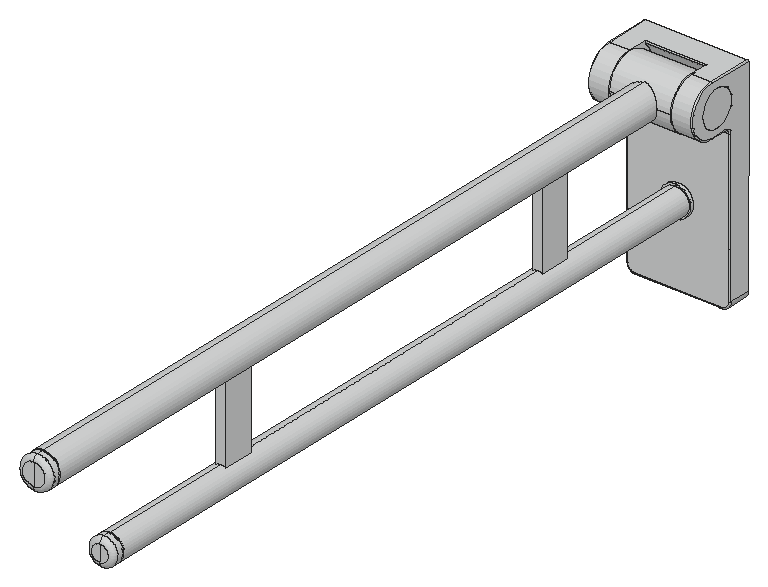
Revit family "SupportArms_Toilet_Nero_MeccaCare_Foldable", category Specialty Equipment, Revit 2022
Family settings
  Round Connector Dimension = Use Diameter
  Part Type = Normal
  OmniClass Number = 23.25.45.11.25.11
  OmniClass Title = Physically Challenged Toilet Arm Supports
  Work Plane-Based = No
  Always vertical = Yes
  Cut with Voids When Loaded = Yes
  Maintain Annotation Orientation = No
  Shared = No
  Room Calculation Point = No
Parameters (values of type "Chrome (NRCR0007CH)")
  Uniclass2015Version = "Products v1.35"
  Uniclass2015Title = "Grab rails"
  Uniclass2015Code = "Pr_25_30_36_34"
  URL = "https://nerotapware.com.au/"
  Type Comments = "Support Arms - Toilet - Foldable - Chrome"
  ModifiedIssue = 20251009
  Model = "NRCR0007CH"
  ManufacturerURLProductSpecific = ""
  ManufacturerSpecCode = Model  # "NRCR0007CH"
  ManufacturerOverallWidth = 101 mm  # constant formula
  ManufacturerOverallHeight = 210 mm  # constant formula
  ManufacturerOverallDepth = 808 mm  # constant formula
  Manufacturer = "Nero"
  IfcExportType = "HANDRAIL"
  IfcExportAs = "IfcRailing"
  Description = "Mecca Care Foldable Toilet Support Arm Chrome"
  Default Elevation = 1050 mm
  CreatedByURL = "https://igsgroup.com.au"
  CreatedBy = "IGS BIM Solutions"  # constant formula
  Material = Metal_Chrome_Nero
  Assembly Code = "D2010"
Types (6, lengths in mm): name | Type Comments | Model | ManufacturerSpecCode | Description | Material
  Brushed Nickel (NRCR0007BN) | "Support Arms - Toilet - Foldable - Brushed Nickel" | "NRCR0007BN" | "NRCR0007BN" | "Mecca Care Foldable Toilet Support Arm Brushed Nickel" | Metal_Nickel_Nero_Brushed
  Chrome (NRCR0007CH) | "Support Arms - Toilet - Foldable - Chrome" | "NRCR0007CH" | "NRCR0007CH" | "Mecca Care Foldable Toilet Support Arm Chrome" | Metal_Chrome_Nero
  Matte Black (NRCR0007MB) | "Support Arms - Toilet - Foldable - Matte Black" | "NRCR0007MB" | "NRCR0007MB" | "Mecca Care Foldable Toilet Support Arm Matte Black" | Metal_MatteBlack_Nero
  Brushed Gold (NRCR0007BG) | "Support Arms - Toilet - Foldable - Brushed Gold" | "NRCR0007BG" | "NRCR0007BG" | "Mecca Care Foldable Toilet Support Arm Brushed Gold" | Metal_Gold_Nero_Brushed
  Gun Metal (NRCR0007GM) | "Support Arms - Toilet - Foldable - Gun Metal" | "NRCR0007GM" | "NRCR0007GM" | "Mecca Care Foldable Toilet Support Arm Gun Metal" | Metal_GunMetal_Nero
  Brushed Bronze (NRCR0007BZ) | "Support Arms - Toilet - Foldable - Brushed Bronze" | "NRCR0007BZ" | "NRCR0007BZ" | "Mecca Care Foldable Toilet Support Arm Brushed Bronze" | Metal_Bronze_Nero_Brushed
Reference planes
  plane 1 "Center (Elevation)": z = 0
  plane 2 "Back": y = 202.5
  plane 3 "Left": x = -67
  plane 4 "Right": x = 34
  plane 5 "Front": y = -605.5
  plane 6 "Center (Left/Right)": x = -16.5
  plane 7 "Top": z = 105
  plane 8 "Bottom": z = -105
Forms (mm)
  Extrusion 1, solid, material "Metal_Chrome_Nero" <- "Material"
    sketch origin (-42, 0, -105) x (0, 1, 0) y (0, 0, 1)
      loop
        line (202.5, 210) -> (177.627, 210)
        arc (177.627, 210) -> (176.702, 209.381) -> (176.922, 208.291) r 1
        arc (176.922, 208.291) -> (185.71, 184.208) -> (172.804, 162.058) r 30.174
        arc (172.804, 162.058) -> (172.418, 160.938) -> (173.373, 160.235) r 1
        line (173.373, 160.235) -> (175.5, 160.235)
        arc (175.5, 160.235) -> (179.036, 158.771) -> (180.5, 155.235) r 5
        line (180.5, 155.235) -> (180.5, 0) -> (202.5, 0) -> (202.5, 210)
    from -4.497 to 55.503
  Extrusion 2, solid, material "Metal_Chrome_Nero" <- "Material"
    sketch origin (-42, 0, -105) x (0, 1, 0) y (0, 0, 1)
      loop
        line (202.5, 210) -> (158.351, 210)
        arc (158.351, 210) -> (133.468, 185.118) -> (158.351, 160.235) r 24.882
        line (158.351, 160.235) -> (175.5, 160.235)
        arc (175.5, 160.235) -> (179.036, 158.771) -> (180.5, 155.235) r 5
        line (180.5, 155.235) -> (180.5, 0) -> (202.5, 0) -> (202.5, 210)
    from -25 to -4.497
  Extrusion 3, solid, material "Metal_Chrome_Nero" <- "Material"
    sketch origin (9, 0, -105) x (0, 1, 0) y (0, 0, -1)
      loop
        line (202.5, -210) -> (202.5, 0) -> (180.5, 0) -> (180.5, -155.235)
        arc (180.5, -155.235) -> (179.036, -158.771) -> (175.5, -160.235) r 5
        line (175.5, -160.235) -> (158.351, -160.235)
        arc (158.351, -160.235) -> (133.468, -185.118) -> (158.351, -210) r 24.882
        line (158.351, -210) -> (202.5, -210)
    from -25 to -4.497
  Sweep 4, void
    path origin (-67, 0, -105) x (0, 1, 0) y (0, 0, 1)
      loop
        line (202.5, 210) -> (158.351, 210)
        arc (158.351, 210) -> (133.468, 185.118) -> (158.351, 160.235) r 24.882
        line (158.351, 160.235) -> (175.5, 160.235)
        arc (175.5, 160.235) -> (179.036, 158.771) -> (180.5, 155.235) r 5
        line (180.5, 155.235) -> (180.5, 55)
    profile origin (-67, 180.425, 105) x (0, 0, -1) y (1, 0, 0)
      loop
        line (0, 0) -> (1, 0)
        arc (1, 0) -> (0.293, 0.293) -> (0, 1) r 1
        line (0, 1) -> (0, 0)
  Sweep 5, void
    path origin (34, 0, -105) x (0, 1, 0) y (0, 0, -1)
      loop
        line (202.5, -210) -> (158.351, -210)
        arc (158.351, -210) -> (133.468, -185.118) -> (158.351, -160.235) r 24.882
        line (158.351, -160.235) -> (175.5, -160.235)
        arc (175.5, -160.235) -> (179.036, -158.771) -> (180.5, -155.235) r 5
        line (180.5, -155.235) -> (180.5, -55)
    profile origin (34, 180.425, 105) x (0, 0, 1) y (-1, 0, 0)
      loop
        line (0, 0) -> (0, 1)
        arc (0, 1) -> (-0.293, 0.293) -> (-1, 0) r 1
        line (-1, 0) -> (0, 0)
  Extrusion 6, void
    sketch origin (0, 202.5, -105) x (1, 0, 0) y (0, 0, -1)
      loop
        line (-67, 0) -> (-67, -8)
        arc (-67, -8) -> (-64.657, -2.343) -> (-59, 0) r 8
        line (-59, 0) -> (-67, 0)
      loop
        line (34, 0) -> (26, 0)
        arc (26, 0) -> (31.657, -2.343) -> (34, -8) r 8
        line (34, -8) -> (34, 0)
    from 12.106 to -27.019
  Sweep 7, void
    path origin (-42, 180.5, -105) x (0, 0, 1) y (-1, 0, 0)
      loop
        line (55, 25) -> (8, 25)
        arc (8, 25) -> (2.343, 22.657) -> (0, 17) r 8
        line (0, 17) -> (0, -68)
        arc (0, -68) -> (2.343, -73.657) -> (8, -76) r 8
        line (8, -76) -> (55, -76)
    profile origin (-67, 180.5, -73.5) x (0, -1, 0) y (1, 0, 0)
      loop
        line (0, 0) -> (0, 1)
        arc (0, 1) -> (-0.293, 0.293) -> (-1, 0) r 1
        line (-1, 0) -> (0, 0)
  Extrusion 8, void
    sketch origin (-67, 0, -105) x (0, 1, 0) y (0, 0, 1)
      loop
        circle (164.359, 184.925) r 18
      loop
        circle (164.359, 184.925) r 17.5
    from -19.27 to 250
  Extrusion 9, solid, material "Metal_Chrome_Nero" <- "Material"
    sketch origin (-67, 0, -105) x (0, 1, 0) y (0, 0, 1)
      loop
        circle (158.351, 185.118) r 24.882
    from 20.503 to 80.497
  Revolve 10, solid, material "Metal_Chrome_Nero" <- "Material"
    sketch origin (-16.5, 80, 130) x (0, 1, 0) y (0, 0, 1)
      loop
        line (-685.5, -50) -> (76.501, -50) -> (76.501, -34) -> (-673.499, -34) -> (-673.499, -35)
        arc (-673.499, -35) -> (-673.792, -34.293) -> (-674.499, -34) r 1
        line (-674.499, -34) -> (-680.5, -34)
        arc (-680.5, -34) -> (-684.036, -35.464) -> (-685.5, -39) r 5
        line (-685.5, -39) -> (-685.5, -50)
      axis (-685.5, -50) -> (76.501, -50)
    angle from 0 to 360
  Revolve 11, solid, material "Metal_Chrome_Nero" <- "Material"
    sketch origin (-16.5, 160.79, 25.531) x (0, 1, 0) y (0, 0, 1)
      loop
        line (-685.5, -50) -> (21.484, -50) -> (21.484, -43) -> (18.91, -43) -> (18.91, -35) -> (15.91, -35) -> (15.91, -36.75) -> (-673.499, -36.75) -> (-673.499, -37.75)
        arc (-673.499, -37.75) -> (-673.792, -37.043) -> (-674.499, -36.75) r 1
        line (-674.499, -36.75) -> (-680.5, -36.75)
        arc (-680.5, -36.75) -> (-684.036, -38.214) -> (-685.5, -41.75) r 5
        line (-685.5, -41.75) -> (-685.5, -50)
      axis (-685.5, -50) -> (21.484, -50)
    angle from 0 to 360
  Extrusion 12, solid, material "Metal_Chrome_Nero" <- "Material"
    sketch origin (-16.5, 80, 130) x (0, 1, 0) y (0, 0, 1)
      loop
        line (-41.499, -149.894) -> (-41.499, -52.199) -> (-71.499, -52.199) -> (-71.499, -149.894) -> (-41.499, -149.894)
      loop
        line (-427.499, -149.894) -> (-427.499, -52.199) -> (-457.499, -52.199) -> (-457.499, -149.894) -> (-427.499, -149.894)
    from -5 to 5
Cuts and joins
  Sweep 7 cuts Extrusion 1
  Sweep 4, Extrusion 6, Sweep 7, Extrusion 8 cuts Extrusion 2
  Sweep 5, Extrusion 6, Sweep 7, Extrusion 8 cuts Extrusion 3
  joined: Extrusion 1, Extrusion 2, Extrusion 3
  joined: Extrusion 9, Revolve 10, Revolve 11, Extrusion 12
Lines and regions (mm)
  Masking region 1
    outline origin (0, 0, 105) x (0, -1, 0) y (1, 0, 0)
      loop
        line (-202.5, -67) -> (-134.468, -67)
        arc (-134.468, -67) -> (-133.761, -66.707) -> (-133.468, -66) r 1
        line (-133.468, -66) -> (-133.468, -32.5) -> (593.499, -32.5) -> (593.499, -31.5)
        arc (593.499, -31.5) -> (593.792, -32.207) -> (594.499, -32.5) r 1
        line (594.499, -32.5) -> (600.5, -32.5)
        arc (600.5, -32.5) -> (604.036, -31.036) -> (605.5, -27.5) r 5
        line (605.5, -27.5) -> (605.5, -5.5)
        arc (605.5, -5.5) -> (604.036, -1.964) -> (600.5, -0.5) r 5
        line (600.5, -0.5) -> (594.499, -0.5)
        arc (594.499, -0.5) -> (593.792, -0.793) -> (593.499, -1.5) r 1
        line (593.499, -1.5) -> (593.499, -0.5) -> (-133.468, -0.5) -> (-133.468, 33)
        arc (-133.468, 33) -> (-133.761, 33.707) -> (-134.468, 34) r 1
        line (-134.468, 34) -> (-202.5, 34) -> (-202.5, -67)
  symbolic lines, style "Bathroom Fixtures", detail levels medium+fine
    curve 1: line (-46.497, 133.468, 105) -> (-46.497, 185.829, 105)
    curve 2: line (-46.497, 185.829, 105) -> (13.497, 185.829, 105)
    curve 3: line (13.497, 185.829, 105) -> (13.497, 133.468, 105)
    curve 4: line (-46.497, 176.627, 105) -> (13.497, 176.627, 105)
    curve 5: line (-32.5, 133.468, 105) -> (-16.771, 139.294, 105)
    curve 6: line (-0.5, 133.468, 105) -> (-16.771, 139.294, 105)
    curve 7: line (-31.5, -593.499, 105) -> (-1.5, -593.499, 105)
  symbolic lines, style "Bathroom Fixtures"
    curve 8: line (-67, -605.5, 56.235) -> (-67, -605.5, 104)
    curve 9: arc (-66, -605.5, 105) -> (-66.707, -605.5, 104.707) -> (-67, -605.5, 104) r 1
    curve 10: arc (-66, -605.5, 55.235) -> (-66.707, -605.5, 55.528) -> (-67, -605.5, 56.235) r 1
    curve 11: line (34, -605.5, 56.235) -> (34, -605.5, 104)
    curve 12: arc (33, -605.5, 105) -> (33.707, -605.5, 104.707) -> (34, -605.5, 104) r 1
    curve 13: arc (33, -605.5, 55.235) -> (33.707, -605.5, 55.528) -> (34, -605.5, 56.235) r 1
Text (mm)
  text "Disclaimer:\nDue to ongoing product development and manufacturing \nevolution, product details are subject to change without \nnotice. Please refer to product technical data sheets on \nthe manufacturers website for the most current product \ninformation. Please allow a +/- 5mm manufacturing \ntolerance for dimensions and set-outs shown in product \nliterature." at (335.068, 35.975, 0), in view "Ref. Level"
Dimensions and locks
  "ManufacturerOverallWidth": plane 3 "Left" to plane 4 "Right"
  "ManufacturerOverallDepth": plane 2 "Back" to plane 5 "Front"
  equal spacing: plane 7 "Top", plane 1 "Center (Elevation)", plane 8 "Bottom"
  "ManufacturerOverallHeight": plane 7 "Top" to plane 8 "Bottom"
  aligned and locked: level to plane 1 "Center (Elevation)"
Automatic sketch dimensions
  Extrusion 1 sketch curve to plane 2 "Back" = 0 mm
  Extrusion 1 sketch curve to plane 2 "Back" = 22 mm
  Extrusion 1 sketch curve to Extrusion 1 sketch curve = 24.873 mm
  Extrusion 1 sketch curve to Extrusion 1 sketch curve = 5 mm
  Extrusion 1 sketch curve to Extrusion 1 sketch curve = 2.127 mm
  Extrusion 1 sketch curve to Extrusion 1 sketch curve = 17.718 mm
  Extrusion 1 sketch curve to level = 105 mm
  level to Extrusion 1 sketch curve = 50.235 mm
  Extrusion 1 sketch curve to Extrusion 1 sketch curve = 1 mm  (x2)
  Extrusion 1 sketch curve to Extrusion 1 sketch curve = 25.65 mm
  Extrusion 1 sketch curve to Extrusion 1 sketch curve = 22.115 mm
  Extrusion 1 sketch curve to Extrusion 1 sketch curve = 0 mm
  Extrusion 2 sketch curve to plane 2 "Back" = 0 mm
  Extrusion 2 sketch curve to plane 2 "Back" = 22 mm
  Extrusion 2 sketch curve to Extrusion 2 sketch curve = 5 mm
  Extrusion 2 sketch curve to Extrusion 2 sketch curve = 17.149 mm
  Extrusion 2 sketch curve to level = 105 mm
  level to Extrusion 2 sketch curve = 50.235 mm
  Extrusion 2 sketch curve to Extrusion 2 sketch curve = 24.882 mm
  Extrusion 3 sketch curve to plane 2 "Back" = 0 mm
  Extrusion 3 sketch curve to plane 2 "Back" = 22 mm
  Extrusion 3 sketch curve to Extrusion 3 sketch curve = 5 mm
  Extrusion 3 sketch curve to Extrusion 3 sketch curve = 17.149 mm
  level to Extrusion 3 sketch curve = 105 mm
  Extrusion 3 sketch curve to Extrusion 3 sketch curve = 24.882 mm
  Extrusion 3 sketch curve to level = 105 mm
  Sweep 4 sketch curve to Extrusion 2 = 0 mm  (x2)
  Sweep 4 sketch curve to Extrusion 2 = 5 mm
  Extrusion 2 to Sweep 4 sketch curve = 55 mm
  Sweep 4 sketch curve to profile plane = 0 mm  (x2)
  Sweep 4 sketch curve to profile plane = 1 mm
  Sweep 5 sketch curve to plane 2 "Back" = 0 mm
  Sweep 5 sketch curve to plane 2 "Back" = 22 mm
  Sweep 5 sketch curve to Sweep 5 sketch curve = 5 mm
  Sweep 5 sketch curve to Sweep 5 sketch curve = 17.149 mm
  level to Sweep 5 sketch curve = 105 mm
  Sweep 5 sketch curve to Sweep 5 sketch curve = 24.882 mm
  Sweep 5 sketch curve to level = 50 mm
  profile plane to Sweep 5 sketch curve = 0 mm
  Sweep 5 sketch curve to profile plane = 0 mm
  profile plane to Sweep 5 sketch curve = 1 mm
  Extrusion 6 sketch curve to plane 3 "Left" = 0 mm
  Extrusion 6 sketch curve to plane 4 "Right" = 0 mm
  Extrusion 6 sketch curve to Extrusion 6 sketch curve = 8 mm
  Extrusion 6 sketch curve to plane 4 "Right" = 8 mm
  level to Extrusion 6 sketch curve = 105 mm
  Extrusion 6 sketch curve to Extrusion 6 sketch curve = 0 mm
  Sweep 7 sketch curve to Extrusion 2 = 0 mm  (x2)
  Sweep 7 sketch curve to Sweep 7 sketch curve = 8 mm
  Sweep 7 sketch curve to Extrusion 2 = 8 mm
  Sweep 7 sketch curve to Extrusion 2 = 72.497 mm
  Sweep 7 sketch curve to Sweep 7 sketch curve = 47 mm  (x2)
  Sweep 7 sketch curve to profile plane = 0 mm
  profile plane to Sweep 7 sketch curve = 0 mm
  Sweep 7 sketch curve to profile plane = 1 mm
  Extrusion 8 sketch curve to Extrusion 8 sketch curve = 0 mm  (x2)
  Extrusion 8 sketch curve to plane 2 "Back" = 38.141 mm
  level to Extrusion 8 sketch curve = 79.925 mm
  Extrusion 9 sketch curve to plane 2 "Back" = 44.149 mm
  level to Extrusion 9 sketch curve = 80.118 mm
  Revolve 10 sketch curve to plane 5 "Front" = 0 mm
  plane 5 "Front" to Revolve 10 sketch curve = 5 mm
  Revolve 10 sketch curve to Revolve 10 sketch curve = 6.001 mm
  Revolve 10 sketch curve to Revolve 10 sketch curve = 1 mm  (x2)
  Revolve 10 sketch curve to plane 2 "Back" = 45.999 mm
  level to Revolve 10 sketch curve = 80 mm
  Revolve 10 sketch curve to Revolve 10 sketch curve = 11 mm
  Revolve 10 sketch curve to Revolve 10 sketch curve = 16 mm
  Revolve 10 sketch curve to Revolve 10 sketch curve = 0 mm  (x3)
  Revolve 10 sketch curve to Revolve 10 sketch curve = 15 mm
  Revolve 11 sketch curve to level = 24.469 mm  (x2)
  plane 5 "Front" to Revolve 11 sketch curve = 80.79 mm
  Revolve 11 sketch curve to Revolve 11 sketch curve = 5 mm
  Revolve 11 sketch curve to Revolve 11 sketch curve = 6.001 mm
  Revolve 11 sketch curve to Revolve 11 sketch curve = 1 mm  (x2)
  Revolve 11 sketch curve to level = 9.469 mm
  Revolve 11 sketch curve to plane 2 "Back" = 25.8 mm
  Revolve 11 sketch curve to Revolve 11 sketch curve = 3 mm
  Revolve 11 sketch curve to Revolve 11 sketch curve = 2.574 mm
  Revolve 11 sketch curve to Revolve 11 sketch curve = 7 mm
  Revolve 11 sketch curve to Revolve 11 sketch curve = 8.25 mm
  Revolve 11 sketch curve to Revolve 11 sketch curve = 1.75 mm
  plane 2 "Back" to Revolve 11 sketch curve = 34.791 mm
  Revolve 11 sketch curve to Revolve 11 sketch curve = 15 mm
  Revolve 11 sketch curve to Revolve 11 sketch curve = 0 mm
  Extrusion 12 sketch curve to level = 19.894 mm  (x2)
  plane 5 "Front" to Extrusion 12 sketch curve = 228.001 mm
  Extrusion 12 sketch curve to Extrusion 12 sketch curve = 30 mm  (x2)
  Extrusion 12 sketch curve to plane 2 "Back" = 193.999 mm
  level to Extrusion 12 sketch curve = 77.801 mm  (x2)
  curve 8 to plane 3 "Left" = 0 mm
  curve 9 to plane 7 "Top" = 0 mm
  curve 12 to plane 7 "Top" = 0 mm
  plane 4 "Right" to curve 11 = 0 mm
  curve 10 to curve 10 = 1 mm
  curve 9 to curve 9 = 1 mm
  curve 13 to plane 4 "Right" = 1 mm
  curve 12 to plane 4 "Right" = 1 mm
  curve 13 to curve 12 = 47.765 mm
  curve 10 to curve 9 = 47.765 mm
  curve 8 to curve 10 = 0 mm
  curve 11 to curve 13 = 0 mm
  Masking region 1 sketch curve to plane 2 "Back" = 0 mm
  Masking region 1 sketch curve to plane 3 "Left" = 0 mm
  Masking region 1 sketch curve to plane 4 "Right" = 0 mm
  Masking region 1 sketch curve to plane 5 "Front" = 0 mm
  plane 4 "Right" to Masking region 1 sketch curve = 1 mm
  Masking region 1 sketch curve to plane 2 "Back" = 68.032 mm
  Masking region 1 sketch curve to Masking region 1 sketch curve = 1 mm  (x5)
  Masking region 1 sketch curve to Masking region 1 sketch curve = 0 mm  (x4)
  plane 5 "Front" to Masking region 1 sketch curve = 12.001 mm  (x2)
  Masking region 1 sketch curve to Masking region 1 sketch curve = 5 mm  (x2)
  Masking region 1 sketch curve to plane 6 "Center (Left/Right)" = 16 mm
  plane 6 "Center (Left/Right)" to Masking region 1 sketch curve = 11 mm
  plane 6 "Center (Left/Right)" to Masking region 1 sketch curve = 16 mm
  curve 1 to plane 2 "Back" = 16.671 mm
  curve 5 to plane 6 "Center (Left/Right)" = 0.271 mm
  curve 1 to curve 5 = 46.535 mm
  plane 3 "Left" to curve 2 = 20.503 mm
  plane 4 "Right" to curve 3 = 20.503 mm
  curve 2 to curve 4 = 9.202 mm
  curve 5 to plane 6 "Center (Left/Right)" = 16 mm
  curve 5 to curve 5 = 5.825 mm
  plane 6 "Center (Left/Right)" to curve 6 = 16 mm
  curve 6 to curve 6 = 5.825 mm
  curve 1 to curve 5 = 0 mm
  curve 6 to curve 3 = 0 mm
  plane 5 "Front" to curve 7 = 12.001 mm
  curve 7 to plane 6 "Center (Left/Right)" = 15 mm
  plane 6 "Center (Left/Right)" to curve 7 = 15 mm
  radius of Sweep 4 sketch curve to Extrusion 2 = 0 mm
  radius of Extrusion 8 sketch curve = 18 mm
  radius of Extrusion 8 sketch curve = 17.5 mm
  radius of Extrusion 9 sketch curve = 24.882 mm
